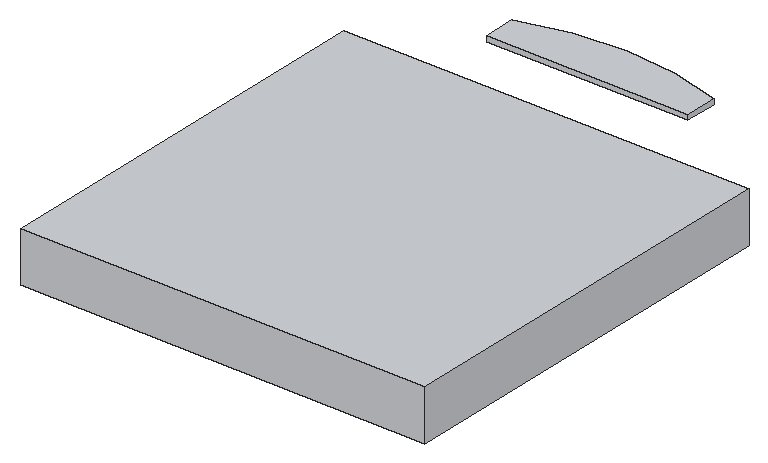
Revit family
Parameters
  Width = 1' - 0"
  URL = "www.coldspringgranite.com"
  TypicalJointSize = 0' - 0 1/4"
  StoneMaterial = none
  SettingSpace = Height + SettingBed  # 0' - 2"
  SettingBed = 0' - 0 13/16"
  RightJointOff = no
  RightJoint = if(RightJointOff, 0' 0", TypicalJointSize / 2)  # 0' - 0 1/8"
  Radius = 6' - 0"
  Product Name = "Paving Stone Panels with Radius on One Side - Straight Ends"
  Product Documentation Link = "http://www.coldspringgranite.com/BIM_Families/Family_Detail/Paving_Stone_Panels_with_Radius_on_one_Side_-_Straight_Ends/"
  PhoneNumber = "800-551-7502"
  Notes = ""
  NominalStoneWidth = Width - (Radius - (Radius * cos((2 * (asin(Length / (2 * Radius)))) / 2)))  # 0' - 7.88225"
  Model = "N/A"
  Manufacturer = "Cold Spring Granite Company"
  Low Emitting Material = yes
  Low Emitting Finish = yes
  Location = "17482 Granite West Road, Cold Spring, MN  56320-4578"
  Length = 4' - 0"
  LeftJointOff = no
  LeftJoint = if(LeftJointOff, 0' 0", TypicalJointSize / 2)  # 0' - 0 1/8"
  LEED Credit = ""
  Keynote = "096340"
  Height = 0' - 1 3/16"
  FrontJointOff = no
  FrontJoint = if(FrontJointOff, 0' 0", TypicalJointSize / 2)  # 0' - 0 1/8"
  Description = "Stone Floor Paving - Radius One Side with Straight Sides"
  Default Elevation = 0' - 0"
  BackJointOff = no
  BackJoint = if(BackJointOff, 0' 0", TypicalJointSize / 2)  # 0' - 0 1/8"
  Assembly Code = "C3020400"
  ActualStoneWidthRight = (Width - BackJoint - FrontJoint) - ((Radius - BackJoint) - ((Radius - BackJoint) * cos((2 * (asin((Length - (RightJoint * 2)) / (2 * (Radius - BackJoint))))) / 2)))  # 0' - 7.66881"
  ActualStoneWidthLeft = (Width - BackJoint - FrontJoint) - ((Radius - BackJoint) - ((Radius - BackJoint) * cos((2 * (asin((Length - (LeftJoint * 2)) / (2 * (Radius - BackJoint))))) / 2)))  # 0' - 7.66881"
  ActualRadius = Radius - BackJoint  # 5' - 11 7/8"
  ADA Compliant = yes
Reference planes (in)
  plane 1 "Center (Front/Back)": y = 0
  plane 2: z = 0
  plane 3 "Center (Left/Right)": x = 0
  plane 4 "Left": x = -24
  plane 5 "StoneLeft": x = -23.875
  plane 6 "StoneRight": x = 23.875
  plane 7 "Right": x = 24
  plane 8 "Front": y = 60
  plane 9 "StoneFront": y = 60.125
  plane 10 "StoneRadiusEdgeLeft": y = 67.79381
  plane 11 "StoneRadiusEdgeRight": y = 67.79381
  plane 12 "RadiusEdge": y = 67.88225
  plane 13 "StoneBack": y = 71.875
  plane 14 "Back": y = 72
  plane 15 "StoneBottom": z = 0.8125
  plane 16 "StoneTop": z = 2
Forms (in)
  Extrusion 1, solid
    sketch origin (0, 0, 0) x (1, 0, 0) y (0, 1, 0)
      loop
        line (-48, 48) -> (-48, -48) -> (48, -48) -> (48, 48) -> (-48, 48)
    from 0 to -12
  Extrusion 2, solid, material <- "StoneMaterial", detail levels coarse
    sketch origin (0, 0, 2) x (-1, 0, 0) y (0, -1, 0)
      loop
        line (24, -67.88225) -> (24, -60) -> (-24, -60) -> (-24, -67.88225)
        arc (-24, -67.88225) -> (0, -72) -> (24, -67.88225) r 72
    from -1.1875 to 0
  Extrusion 3, solid, material <- "StoneMaterial", detail levels medium+fine
    sketch origin (0, 0, 2) x (-1, 0, 0) y (0, -1, 0)
      loop
        line (23.875, -67.79381) -> (23.875, -60.125) -> (-23.875, -60.125) -> (-23.875, -67.79381)
        arc (-23.875, -67.79381) -> (0, -71.875) -> (23.875, -67.79381) r 71.875
    from -1.1875 to 0
Lines and regions (in)
  Masking region 1, detail levels coarse
    outline origin (0, 0, 2) x (-1, 0, 0) y (0, -1, 0)
      loop
        line (24, -67.88225) -> (24, -60) -> (-24, -60) -> (-24, -67.88225)
        arc (-24, -67.88225) -> (0, -72) -> (24, -67.88225) r 72
  Masking region 2, detail levels medium+fine
    outline origin (0, 0, 2) x (-1, 0, 0) y (0, -1, 0)
      loop
        line (23.875, -67.79381) -> (23.875, -60.125) -> (-23.875, -60.125) -> (-23.875, -67.79381)
        arc (-23.875, -67.79381) -> (0, -71.875) -> (23.875, -67.79381) r 71.875
  Masking region 3, detail levels coarse
    outline origin (0, 60, 0) x (-1, 0, 0) y (0, 0, 1)
      loop
        line (24, 0.8125) -> (24, 2) -> (-24, 2) -> (-24, 0.8125) -> (24, 0.8125)
  Masking region 4, detail levels medium+fine
    outline origin (0, 60, 0) x (-1, 0, 0) y (0, 0, 1)
      loop
        line (23.875, 0.8125) -> (23.875, 2) -> (-23.875, 2) -> (-23.875, 0.8125) -> (23.875, 0.8125)
  Masking region 5, detail levels coarse
    outline origin (0, 0, 0) x (0, 1, 0) y (0, 0, 1)
      loop
        line (72, 0.8125) -> (72, 2) -> (60, 2) -> (60, 0.8125) -> (72, 0.8125)
  Masking region 6, detail levels medium+fine
    outline origin (0, 0, 0) x (0, 1, 0) y (0, 0, 1)
      loop
        line (71.875, 0.8125) -> (71.875, 2) -> (60.125, 2) -> (60.125, 0.8125) -> (71.875, 0.8125)
  symbolic lines, detail levels medium
    curve 1: line (-24, 67.79381, 0.8125) -> (-24, 67.79381, 2)
    curve 2: line (24, 67.79381, 0.8125) -> (24, 67.79381, 2)
  symbolic lines, detail levels coarse
    curve 3: line (0, 67.88225, 0.8125) -> (0, 67.88225, 2)
Dimensions and locks (in)
  "SettingSpace": plane 16 "StoneTop" to plane 2
  "Height": plane 16 "StoneTop" to plane 15 "StoneBottom"
  "Radius": plane 1 "Center (Front/Back)" to plane 14 "Back"
  "Width": plane 14 "Back" to plane 8 "Front"
  "BackJoint": plane 14 "Back" to plane 13 "StoneBack"
  "FrontJoint": plane 9 "StoneFront" to plane 8 "Front"
  "NominalStoneWidth": plane 12 "RadiusEdge" to plane 8 "Front"
  "ActualStoneWidthRight": plane 11 "StoneRadiusEdgeRight" to plane 9 "StoneFront"
  "ActualStoneWidthLeft": plane 10 "StoneRadiusEdgeLeft" to plane 9 "StoneFront"
  equal spacing: plane 4 "Left", plane 3 "Center (Left/Right)", plane 7 "Right"
  "Length": plane 4 "Left" to plane 7 "Right"
  "RightJoint": plane 6 "StoneRight" to plane 7 "Right"
  "LeftJoint": plane 4 "Left" to plane 5 "StoneLeft"
  "Radius": radius of Extrusion 2 sketch curve
  "ActualRadius": radius of Extrusion 3 sketch curve
  "Radius": radius of Masking region 1 sketch curve
  "ActualRadius": radius of Masking region 2 sketch curve
  aligned and locked: plane 2 to Extrusion 1
  aligned and locked: level to Extrusion 1
  aligned and locked: Extrusion 2 sketch curve to plane 4 "Left"  (x2)
  aligned and locked: plane 12 "RadiusEdge" to Extrusion 2 sketch curve  (x2)
  aligned and locked: Extrusion 2 sketch curve to plane 7 "Right"  (x2)
  aligned and locked: Extrusion 2 sketch curve to plane 8 "Front"
  aligned and locked: Extrusion 2 to plane 15 "StoneBottom"
  aligned and locked: plane 16 "StoneTop" to Extrusion 2
  aligned and locked: Extrusion 3 sketch curve to plane 5 "StoneLeft"
  aligned and locked: plane 10 "StoneRadiusEdgeLeft" to Extrusion 3 sketch curve
  aligned and locked: Extrusion 3 sketch curve to plane 6 "StoneRight"
  aligned and locked: plane 11 "StoneRadiusEdgeRight" to Extrusion 3 sketch curve
  aligned and locked: Extrusion 3 sketch curve to plane 9 "StoneFront"
  aligned and locked: plane 5 "StoneLeft" to Extrusion 3 sketch curve
  aligned and locked: plane 6 "StoneRight" to Extrusion 3 sketch curve
  aligned and locked: Extrusion 3 to plane 15 "StoneBottom"
  aligned and locked: plane 16 "StoneTop" to Extrusion 3
  aligned and locked: Masking region 1 sketch curve to plane 4 "Left"  (x2)
  aligned and locked: plane 12 "RadiusEdge" to Masking region 1 sketch curve  (x2)
  aligned and locked: Masking region 1 sketch curve to plane 7 "Right"  (x2)
  aligned and locked: Masking region 1 sketch curve to plane 8 "Front"
  aligned and locked: Masking region 2 sketch curve to plane 5 "StoneLeft"
  aligned and locked: plane 10 "StoneRadiusEdgeLeft" to Masking region 2 sketch curve
  aligned and locked: Masking region 2 sketch curve to plane 6 "StoneRight"
  aligned and locked: plane 11 "StoneRadiusEdgeRight" to Masking region 2 sketch curve
  aligned and locked: Masking region 2 sketch curve to plane 9 "StoneFront"
  aligned and locked: plane 5 "StoneLeft" to Masking region 2 sketch curve
  aligned and locked: plane 6 "StoneRight" to Masking region 2 sketch curve
  aligned and locked: Masking region 3 sketch curve to plane 4 "Left"
  aligned and locked: Masking region 3 sketch curve to plane 15 "StoneBottom"
  aligned and locked: Masking region 3 sketch curve to plane 16 "StoneTop"
  aligned and locked: Masking region 3 sketch curve to plane 7 "Right"
  aligned and locked: Masking region 4 sketch curve to plane 5 "StoneLeft"
  aligned and locked: Masking region 4 sketch curve to plane 6 "StoneRight"
  aligned and locked: Masking region 4 sketch curve to plane 16 "StoneTop"
  aligned and locked: Masking region 4 sketch curve to plane 15 "StoneBottom"
  aligned and locked: plane 14 "Back" to Masking region 5 sketch curve
  aligned and locked: Masking region 5 sketch curve to plane 16 "StoneTop"
  aligned and locked: Masking region 5 sketch curve to plane 15 "StoneBottom"
  aligned and locked: plane 8 "Front" to Masking region 5 sketch curve
  aligned and locked: plane 13 "StoneBack" to Masking region 6 sketch curve
  aligned and locked: plane 9 "StoneFront" to Masking region 6 sketch curve
  aligned and locked: Masking region 6 sketch curve to plane 16 "StoneTop"
  aligned and locked: Masking region 6 sketch curve to plane 15 "StoneBottom"
  aligned and locked: plane 12 "RadiusEdge" to curve 3
  aligned and locked: plane 16 "StoneTop" to curve 3
  aligned and locked: plane 15 "StoneBottom" to curve 3
  aligned and locked: plane 16 "StoneTop" to curve 2
  aligned and locked: plane 15 "StoneBottom" to curve 2
  aligned and locked: plane 16 "StoneTop" to curve 1
  aligned and locked: plane 15 "StoneBottom" to curve 1
  aligned and locked: curve 1 to plane 10 "StoneRadiusEdgeLeft"
  aligned and locked: curve 2 to plane 11 "StoneRadiusEdgeRight"
Automatic sketch dimensions
  Extrusion 1 sketch curve to Extrusion 1 sketch curve = 8' - 0"  (x2)
Nested families (in)
  nested 1: "CopyRight" at (0, 0, 0), type "CopyRight"
Definition of nested family "CopyRight"
  Parameters (values of type "CopyRight")
    CopyRight = "Cold Spring Granite Company"
  Reference planes (in)
    plane 1: z = 0
